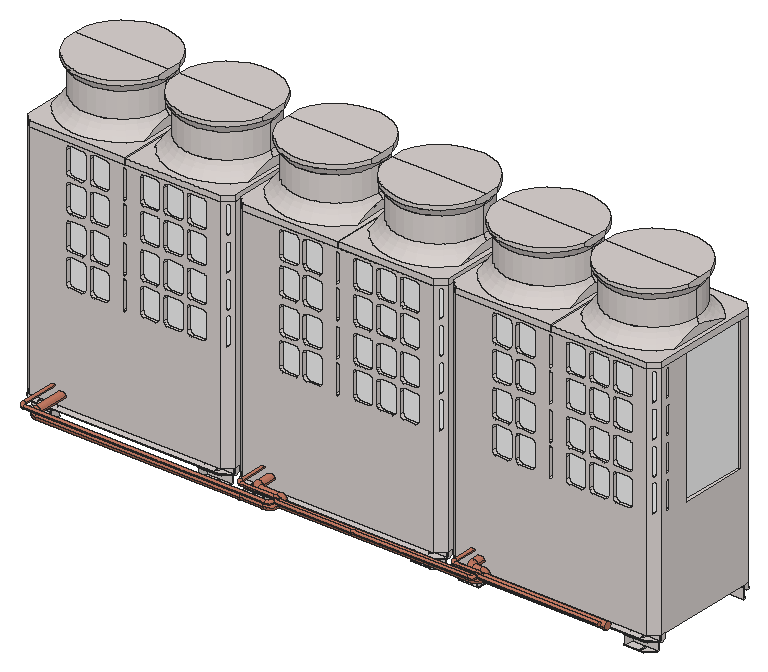
Revit family "PUHY-P1100YSNW-A1", category 機械設備, Revit 2016
Family settings
  パーツ タイプ = 標準
  丸型コネクタ寸法 = 半径を使用
  OmniClass 番号 = 23.75.00.00
  OmniClass タイトル = Climate Control (HVAC)
  作業面に基づく = いいえ
  常に垂直 = はい
  ロード時にボイドで切り取り = いいえ
  共有 = いいえ
  部屋の計算ポイント = いいえ
Parameters (values of type "PUHY-P1100YSNW-A1_415V_60Hz")
  モデル = "PUHY-P1100YSNW-A1"
  Width = 3780.000 mm
  WarrantyStart = ""
  Voltage = 415 V
  Unit Weight (kg) = 831
  URL = "http://www.mitsubishielectric.com/"
  Temp. range of heating (Outdoor temp.) (W.B.) = "-20.0 to 15.5"
  Temp. range of heating (Indoor temp.) (D.B.) = "15.0 to 27.0"
  Temp. range of cooling (Outdoor temp.) (D.B.) = "-5.0 to 52.0"
  Temp. range of cooling (Indoor temp.) (W.B.) = "15.0 to 24.0"
  TagNumber = 0
  Subcategory = "HVAC"
  Space View = yes
  Sound Pressure Level (dB(A)) Heating mode = 70
  Sound Pressure Level (dB(A)) Cooling mode = 68.5
  SerialNumber = 0
  ReplacementYear = ""
  Refrigerant type = "R410A"
  Refrigerant Charge (kg) = 29.4
  Protection Devices_Inverter circuit (COMP./FAN) = "Over-current protection"
  Protection Devices_High pressure (MPa) = "High pressure sensor, High pressure switch at 4.15"
  Phase = 3
  製造元 = "Mitsubishi Electric Corporation"
  Outdoor unit 3 Breaker size (A) = 40
  Outdoor unit 3 = PUHY-P350YNW-A1 : PUHY-P350YNW-A1
  Outdoor unit 2 Breaker size (A) = 40
  Outdoor unit 2 = PUHY-P350YNW-A1 : PUHY-P350YNW-A1
  Outdoor unit 1 Breaker size (A) = 60
  Outdoor unit 1 = PUHY-P400YNW-A1 : PUHY-P400YNW-A1
  Note_1 = "Refrigerant pipe diameters may change depending on the installation condition. Please refer to the installation manual."
  Maximum Circuit Ampacity (A) = 84.7
  Liquid pipe_radius = 9.525 mm
  InstallationDate = ""
  Indoor Unit Total Capacity = "50 to 130% of outdoor unit capacity"
  Indoor Unit Model/Quantity = "P10 to P250/3 to 50"
  Hertz = 60 Hz
  Height = 1858.000 mm
  Heating SCOP (kW/kW) = 4.07
  Heating Rated Load Ampacity (A) = 52.8
  Heating Power Input (kW) = 34.22
  Heating Power Input (Nominal) (kW) = 28.44
  Heating Current Input (Nominal) (A) = 43.9
  Heating Current Input (A) = 52.8
  Heating Capacity (kW) = 140
  Heating Capacity (Nominal) (kW) = 124
  Heating COP (kW/kW) = 4.09
  Heating COP (Nominal) (kW/kW) = 4.36
  Gas pipe_radius = 20.640 mm
  Fan_Type = "Propeller Fan"
  Fan_Quantity = 6
  Fan Motor Output (kW) = 2.76
  External static pressure (Pa) = 0
  External Finish = "Pre-coated galvanized steel sheets (+powder coating for -BS type) <MUNSELL 3Y 7.8/1.1 or similar>"
  Equip_description = ""
  Equip_No. = 0
  Equip_ID = ""
  Description = ""
  Depth = 740.000 mm
  CreatedOn = ""
  CreatedBy = ""
  Cooling SEER (kW/kW) = 6.49
  Cooling Rated Load Ampacity (A) = 56.8
  Cooling Power Input (kW) = 36.79
  Cooling EER (kW/kW) = 3.37
  Cooling Current Input (A) = 56.8
  Cooling Capacity (kW) = 124
  Compressor_Type = "Inverter scroll hermetic compressor"
  Compressor_Quantity = 3
  Compressor_Lubricant = "MEL32"
  Compressor Motor Output (kW) = 28.6
  Category = ""
  Barcode = ""
  AssetIdentifier = ""
  Airflow Rate (m3/min) = 840
  Airflow Rate (m3/h) = 50400
Reference planes
  plane 1 "Center (Front/Back)": y = 0
  plane 2: z = 0
  plane 3: z = 1710
  plane 4: z = 60
  plane 5: y = 370
  plane 6 "front": y = -370
  plane 7: x = -1890
  plane 8: x = -620
  plane 9: x = 620
  plane 10: x = -650
  plane 11: x = 650
  plane 12: y = 370
  plane 13: y = -370
  plane 14: z = 1858
  plane 15: x = 1890
  plane 16: x = 0
Forms (mm)
  Sweep 1, solid, material "Copper"
    path origin (137.855, 17.925, 192.255) x (0, -1, 0) y (1, 0, 0)
      loop
        line (380, -1839.039) -> (605, -1839.039)
        arc (605, -1839.039) -> (626.213, -1830.253) -> (635, -1809.039) r 30
        line (635, -1809.039) -> (635, -368.337)
        arc (635, -368.337) -> (629.142, -354.195) -> (615, -348.337) r 20
        line (615, -348.337) -> (590, -348.337)
        arc (590, -348.337) -> (575.858, -354.195) -> (570, -368.337) r 20
        line (570, -368.337) -> (570, -568.337)
        arc (570, -568.337) -> (564.142, -582.479) -> (550, -588.337) r 20
        line (550, -588.337) -> (380, -588.337)
    profile origin (-1701.184, -474.575, 192.255) x (1, 0, 0) y (0, 0, 1)
      loop
        circle (0, 0) r 9.525
  Sweep 2, solid, material "Copper"
    path origin (111.295, 17.925, 158.255) x (-1, 0, 0) y (0, -1, 0)
      loop
        line (1758.141, 380) -> (1758.141, 575)
        arc (1758.141, 575) -> (1747.889, 599.749) -> (1723.141, 610) r 35
        line (1723.141, 610) -> (502, 610) -> (364.723, 610)
        arc (364.723, 610) -> (339.974, 599.749) -> (329.723, 575) r 35
        line (329.723, 575) -> (329.723, 545)
        arc (329.723, 545) -> (339.974, 520.251) -> (364.723, 510) r 35
        line (364.723, 510) -> (475.673, 510)
        arc (475.673, 510) -> (500.421, 499.749) -> (510.673, 475) r 35
        line (510.673, 475) -> (510.673, 380)
    profile origin (-1646.846, -459.575, 158.255) x (1, 0, 0) y (0, 0, 1)
      loop
        circle (0, 0) r 20.64
  Sweep 3, solid, material "Copper"
    path origin (214.685, 17.925, 192.255) x (0, -1, 0) y (1, 0, 0)
      loop
        line (605, -426.689) -> (605, 43.311) -> (605, 737.327)
        arc (605, 737.327) -> (599.142, 751.469) -> (585, 757.327) r 20
        line (585, 757.327) -> (560.96, 757.327)
        arc (560.96, 757.327) -> (546.818, 751.469) -> (540.96, 737.327) r 20
        line (540.96, 737.327) -> (540.96, 607.327)
        arc (540.96, 607.327) -> (535.102, 593.185) -> (520.96, 587.327) r 20
        line (520.96, 587.327) -> (380, 587.327)
    profile origin (22.996, -587.075, 192.255) x (0, 1, 0) y (0, 0, 1)
      loop
        circle (0, 0) r 9.525
  Sweep 4, solid, material "Copper"
    path origin (188.125, 17.925, 158.255) x (-1, 0, 0) y (0, -1, 0)
      loop
        line (406.853, 555.96) -> (-741.149, 555.96)
        arc (-741.149, 555.96) -> (-765.897, 545.709) -> (-776.149, 520.96) r 35
        line (-776.149, 520.96) -> (-776.149, 510)
        arc (-776.149, 510) -> (-765.897, 485.251) -> (-741.149, 475) r 35
        line (-741.149, 475) -> (-696.149, 475)
        arc (-696.149, 475) -> (-671.4, 464.749) -> (-661.149, 440) r 35
        line (-661.149, 440) -> (-661.149, 380)
    profile origin (355.273, -538.035, 158.255) x (0, 1, 0) y (0, 0, 1)
      loop
        circle (0, 0) r 20.64
  Sweep 5, solid, material "Copper"
    path origin (249.685, 17.925, 192.255) x (0, -1, 0) y (1, 0, 0)
      loop
        line (572.806, 727.767) -> (572.806, 1455.315)
    profile origin (1341.226, -554.881, 192.255) x (0, 1, 0) y (0, 0, 1)
      loop
        circle (0, 0) r 9.525
  Sweep 6, solid, material "Copper"
    path origin (228.125, 17.925, 158.255) x (-1, 0, 0) y (0, -1, 0)
      loop
        line (-749.534, 515.995) -> (-1481.875, 515.995)
    profile origin (1343.83, -498.07, 158.255) x (0, 1, 0) y (0, 0, 1)
      loop
        circle (0, 0) r 20.64
Dimensions and locks
  nested 2 to nested 1 = 30.000 mm
  nested 1 to nested 1 = 1240.000 mm
  nested 2 to nested 2 = 1240.000 mm
  plane 9 to plane 11 to plane 15 = 30.000 mm, 1240.000 mm
  "Liquid pipe_radius": radius of Sweep 5 sketch curve
  "Gas pipe_radius": radius of Sweep 6 sketch curve
  aligned and locked: level to plane 2
Automatic sketch dimensions
  Sweep 1 sketch curve to plane 6 "front" = 7.925 mm  (x2)
  plane 6 "front" to Sweep 1 sketch curve = 162.075 mm
  Sweep 1 sketch curve to Sweep 1 sketch curve = 20.000 mm  (x2)
  plane 6 "front" to Sweep 1 sketch curve = 217.075 mm
  Sweep 1 sketch curve to Sweep 1 sketch curve = 25.000 mm
  Sweep 1 sketch curve to Sweep 1 sketch curve = 30.000 mm
  profile plane to Sweep 1 sketch curve = 0.000 mm
  Sweep 1 sketch curve to profile plane = 0.000 mm
  Sweep 2 sketch curve to Sweep 2 sketch curve = 35.000 mm  (x3)
  plane 6 "front" to Sweep 2 sketch curve = 222.075 mm
  Sweep 2 sketch curve to Sweep 2 sketch curve = 30.000 mm
  Sweep 2 sketch curve to plane 6 "front" = 7.925 mm  (x2)
  profile plane to Sweep 2 sketch curve = 0.000 mm
  Sweep 2 sketch curve to profile plane = 0.000 mm
  Sweep 3 sketch curve to profile plane = 0.000 mm  (x2)
  plane 6 "front" to Sweep 4 sketch curve = 122.075 mm
  plane 6 "front" to Sweep 4 sketch curve = 87.075 mm
  Sweep 4 sketch curve to Sweep 4 sketch curve = 0.000 mm
  Sweep 4 sketch curve to Sweep 4 sketch curve = 45.000 mm
  plane 6 "front" to Sweep 4 sketch curve = 52.075 mm
  Sweep 4 sketch curve to Sweep 4 sketch curve = 60.000 mm
  Sweep 4 sketch curve to Sweep 4 sketch curve = 10.960 mm
  Sweep 4 sketch curve to profile plane = 0.000 mm  (x2)
  Sweep 3 sketch curve to plane 6 "front" = 7.925 mm
  plane 6 "front" to Sweep 3 sketch curve = 133.035 mm
  Sweep 3 sketch curve to Sweep 3 sketch curve = 20.000 mm  (x2)
  Sweep 3 sketch curve to Sweep 3 sketch curve = 24.040 mm
  plane 6 "front" to Sweep 3 sketch curve = 217.075 mm
  Sweep 3 sketch curve to Sweep 3 sketch curve = 470.000 mm
  Sweep 3 sketch curve to Sweep 3 sketch curve = 544.016 mm
  Sweep 3 sketch curve to Sweep 3 sketch curve = 130.000 mm
  Sweep 1 sketch curve to Sweep 1 sketch curve = 1220.702 mm
  Sweep 2 sketch curve to Sweep 2 sketch curve = 1212.468 mm
  Sweep 4 sketch curve to Sweep 4 sketch curve = 1068.002 mm
  plane 6 "front" to Sweep 5 sketch curve = 184.881 mm
  plane 6 "front" to Sweep 6 sketch curve = 128.070 mm
  Sweep 5 sketch curve to profile plane = 0.000 mm  (x2)
  Sweep 6 sketch curve to profile plane = 0.000 mm  (x2)
  plane 7 to Sweep 1 sketch curve = 188.816 mm
  Sweep 1 sketch curve to Sweep 1 sketch curve = 200.000 mm
  plane 6 "front" to Sweep 2 sketch curve = 157.075 mm
  Sweep 2 sketch curve to plane 8 = 401.573 mm
  Sweep 2 sketch curve to Sweep 2 sketch curve = 110.950 mm
  Sweep 2 sketch curve to Sweep 2 sketch curve = 26.327 mm
  Sweep 3 sketch curve to plane 9 = 362.004 mm
  plane 11 to Sweep 4 sketch curve = 314.274 mm
  plane 11 to Sweep 5 sketch curve = 327.453 mm
  Sweep 5 sketch curve to Sweep 5 sketch curve = 727.547 mm
  plane 11 to Sweep 6 sketch curve = 1060.000 mm
  plane 11 to Sweep 6 sketch curve = 327.659 mm
  radius of Sweep 1 sketch curve = 9.525 mm
  radius of Sweep 2 sketch curve = 20.640 mm
  radius of Sweep 3 sketch curve = 9.525 mm
  radius of Sweep 4 sketch curve = 20.640 mm
Nested families
  nested 1: "PUHY-P350YNW-A1" at (0, 0, 0), type <- "Outdoor unit 2", type "PUHY-P350YNW-A1"
  nested 2: "PUHY-P400YNW-A1" at (-1270, 0, 0), type <- "Outdoor unit 1", type "PUHY-P400YNW-A1"
  nested 3: "PUHY-P350YNW-A1" at (1270, 0, 0), type <- "Outdoor unit 3", type "PUHY-P350YNW-A1"
Connectors
  piping at (1710, -498.07, 158.255), diameter 41.28, driven by "Gas pipe_radius"
    settings: on Sweep 6, index 1, connector inside diameter 41.28 mm, connector length 0.000 mm, flow factor 0, pipe flow 0.0 L/s, pressure drop 0.0 Pa, fitting loss kfactor 0, connector angle 0.00°, fixture units 0, engagement length 0.000 mm, angle of deflection 0.00°, flow configuration 0, flow direction 0, fitting loss method 0, system type 22, joint type 0, gender type 0, connector reference index -1, connector utility 0, adjustable connector no, is connector primary yes, connector description "Indoor unit-Twinning pipe(Gas)"
  piping at (1705, -554.881, 192.255), diameter 19.05, driven by "Liquid pipe_radius"
    settings: on Sweep 5, index 2, connector inside diameter 19.05 mm, connector length 0.000 mm, flow factor 0, pipe flow 0.0 L/s, pressure drop 0.0 Pa, fitting loss kfactor 0, connector angle 0.00°, fixture units 0, engagement length 0.000 mm, angle of deflection 0.00°, flow configuration 0, flow direction 0, fitting loss method 0, system type 22, joint type 0, gender type 0, connector reference index -1, connector utility 0, adjustable connector no, is connector primary no, connector description "Indoor unit-Twinning pipe(Liquid)"
  electrical at (992, -370, 279), driven by "Phase", driven by "Voltage"
    settings: index 3, voltage 415 V, apparent load 0 VA, apparent load phase1 0 VA, apparent load phase2 0 VA, apparent load phase3 0 VA, power factor 1, load classification "HVAC", number of poles 3, system type 30, power factor state 1, is connector primary yes, connector utility no, sub classification motor no, connector description ""
  electrical at (-258, -370, 279), driven by "Phase", driven by "Voltage"
    settings: index 4, voltage 415 V, apparent load 0 VA, apparent load phase1 0 VA, apparent load phase2 0 VA, apparent load phase3 0 VA, power factor 1, load classification "HVAC", number of poles 3, system type 30, power factor state 1, is connector primary no, connector utility no, sub classification motor no, connector description ""
  electrical at (-1508, -370, 279), driven by "Phase", driven by "Voltage"
    settings: index 5, voltage 415 V, apparent load 0 VA, apparent load phase1 0 VA, apparent load phase2 0 VA, apparent load phase3 0 VA, power factor 1, load classification "HVAC", number of poles 3, system type 30, power factor state 1, is connector primary no, connector utility no, sub classification motor no, connector description ""
Definition of nested family "PUHY-P350YNW-A1"
  Parameters
    Model = "PUHY-P350YNW-A"
    URL = "http://www.mitsubishielectric.com/"
    Manufacturer = "Mitsubishi Electric Corporation"
    Liquid pipe_radius = 12.700 mm
    Gas pipe_radius = 14.290 mm
  Reference planes
    plane 1 "Center (Front/Back)": y = 0
    plane 2: z = 0
    plane 3 "Center (Left/Right)": x = 0
    plane 4: y = 370
    plane 5: z = 1858
    plane 6: y = -260
    plane 7: y = -204
    plane 8: y = -185
    plane 9: x = -620
    plane 10: x = 620
    plane 11: x = -620
    plane 12: z = 716
    plane 13: x = -524
    plane 14: z = 669
    plane 15: x = -50.5
    plane 16: x = 51
    plane 17: x = 489
    plane 18: x = 467
    plane 19 "132": x = 488
    plane 20 "100": z = 160
    plane 21: z = 185
    plane 22: x = 413
    plane 23: x = 364
    plane 24: z = 150
    plane 25: x = -287.25
    plane 26: x = -137.25
    plane 27: x = -272.25
    plane 28: y = -278
    plane 29: z = 1509
    plane 30: y = -370
    plane 31: x = -530
    plane 32: x = 530
    plane 33 "179": y = -191
  Forms (mm)
    Extrusion 1, solid
      sketch origin (-1, 0, 113) x (-1, 0, 0) y (0, -1, 0)
        loop
          line (569, -370) -> (619, -320) -> (619, 320) -> (569, 370) -> (-571, 370) -> (-621, 320) -> (-621, -320) -> (-571, -370) -> (569, -370)
      from -18 to 1408
    Extrusion 2, void
      sketch origin (524, -370, 113) x (1, 0, 0) y (0, 0, -1)
        loop
          arc (-60.8, -1393.5) -> (-42.557, -1385.943) -> (-35, -1367.7) r 25.8
          line (-35, -1367.7) -> (-35, -1248.5)
          arc (-35, -1248.5) -> (-42.557, -1230.257) -> (-60.8, -1222.7) r 25.8
          line (-60.8, -1222.7) -> (-126, -1222.7)
          arc (-126, -1222.7) -> (-144.243, -1230.257) -> (-151.8, -1248.5) r 25.8
          line (-151.8, -1248.5) -> (-151.8, -1367.7)
          arc (-151.8, -1367.7) -> (-144.243, -1385.943) -> (-126, -1393.5) r 25.8
          line (-126, -1393.5) -> (-60.8, -1393.5)
      from 0 to 20
    Extrusion 3, void
      sketch origin (524, -370, -81) x (1, 0, 0) y (0, 0, -1)
        loop
          arc (-60.8, -1393.5) -> (-42.557, -1385.943) -> (-35, -1367.7) r 25.8
          line (-35, -1367.7) -> (-35, -1248.5)
          arc (-35, -1248.5) -> (-42.557, -1230.257) -> (-60.8, -1222.7) r 25.8
          line (-60.8, -1222.7) -> (-126, -1222.7)
          arc (-126, -1222.7) -> (-144.243, -1230.257) -> (-151.8, -1248.5) r 25.8
          line (-151.8, -1248.5) -> (-151.8, -1367.7)
          arc (-151.8, -1367.7) -> (-144.243, -1385.943) -> (-126, -1393.5) r 25.8
          line (-126, -1393.5) -> (-60.8, -1393.5)
      from 0 to 20
    Extrusion 4, void
      sketch origin (524, -370, -287) x (1, 0, 0) y (0, 0, -1)
        loop
          arc (-60.8, -1393.5) -> (-42.557, -1385.943) -> (-35, -1367.7) r 25.8
          line (-35, -1367.7) -> (-35, -1248.5)
          arc (-35, -1248.5) -> (-42.557, -1230.257) -> (-60.8, -1222.7) r 25.8
          line (-60.8, -1222.7) -> (-126, -1222.7)
          arc (-126, -1222.7) -> (-144.243, -1230.257) -> (-151.8, -1248.5) r 25.8
          line (-151.8, -1248.5) -> (-151.8, -1367.7)
          arc (-151.8, -1367.7) -> (-144.243, -1385.943) -> (-126, -1393.5) r 25.8
          line (-126, -1393.5) -> (-60.8, -1393.5)
      from 0 to 20
    Extrusion 5, void
      sketch origin (524, -370, -481) x (1, 0, 0) y (0, 0, -1)
        loop
          arc (-60.8, -1393.5) -> (-42.557, -1385.943) -> (-35, -1367.7) r 25.8
          line (-35, -1367.7) -> (-35, -1248.5)
          arc (-35, -1248.5) -> (-42.557, -1230.257) -> (-60.8, -1222.7) r 25.8
          line (-60.8, -1222.7) -> (-126, -1222.7)
          arc (-126, -1222.7) -> (-144.243, -1230.257) -> (-151.8, -1248.5) r 25.8
          line (-151.8, -1248.5) -> (-151.8, -1367.7)
          arc (-151.8, -1367.7) -> (-144.243, -1385.943) -> (-126, -1393.5) r 25.8
          line (-126, -1393.5) -> (-60.8, -1393.5)
      from 0 to 20
    Extrusion 6, void
      sketch origin (384, -370, 113) x (1, 0, 0) y (0, 0, -1)
        loop
          arc (-60.8, -1393.5) -> (-42.557, -1385.943) -> (-35, -1367.7) r 25.8
          line (-35, -1367.7) -> (-35, -1248.5)
          arc (-35, -1248.5) -> (-42.557, -1230.257) -> (-60.8, -1222.7) r 25.8
          line (-60.8, -1222.7) -> (-126, -1222.7)
          arc (-126, -1222.7) -> (-144.243, -1230.257) -> (-151.8, -1248.5) r 25.8
          line (-151.8, -1248.5) -> (-151.8, -1367.7)
          arc (-151.8, -1367.7) -> (-144.243, -1385.943) -> (-126, -1393.5) r 25.8
          line (-126, -1393.5) -> (-60.8, -1393.5)
      from 0 to 20
    Extrusion 7, void
      sketch origin (384, -370, -81) x (1, 0, 0) y (0, 0, -1)
        loop
          arc (-60.8, -1393.5) -> (-42.557, -1385.943) -> (-35, -1367.7) r 25.8
          line (-35, -1367.7) -> (-35, -1248.5)
          arc (-35, -1248.5) -> (-42.557, -1230.257) -> (-60.8, -1222.7) r 25.8
          line (-60.8, -1222.7) -> (-126, -1222.7)
          arc (-126, -1222.7) -> (-144.243, -1230.257) -> (-151.8, -1248.5) r 25.8
          line (-151.8, -1248.5) -> (-151.8, -1367.7)
          arc (-151.8, -1367.7) -> (-144.243, -1385.943) -> (-126, -1393.5) r 25.8
          line (-126, -1393.5) -> (-60.8, -1393.5)
      from 0 to 20
    Extrusion 8, void
      sketch origin (384, -370, -287) x (1, 0, 0) y (0, 0, -1)
        loop
          arc (-60.8, -1393.5) -> (-42.557, -1385.943) -> (-35, -1367.7) r 25.8
          line (-35, -1367.7) -> (-35, -1248.5)
          arc (-35, -1248.5) -> (-42.557, -1230.257) -> (-60.8, -1222.7) r 25.8
          line (-60.8, -1222.7) -> (-126, -1222.7)
          arc (-126, -1222.7) -> (-144.243, -1230.257) -> (-151.8, -1248.5) r 25.8
          line (-151.8, -1248.5) -> (-151.8, -1367.7)
          arc (-151.8, -1367.7) -> (-144.243, -1385.943) -> (-126, -1393.5) r 25.8
          line (-126, -1393.5) -> (-60.8, -1393.5)
      from 0 to 20
    Extrusion 9, void
      sketch origin (384, -370, -481) x (1, 0, 0) y (0, 0, -1)
        loop
          arc (-60.8, -1393.5) -> (-42.557, -1385.943) -> (-35, -1367.7) r 25.8
          line (-35, -1367.7) -> (-35, -1248.5)
          arc (-35, -1248.5) -> (-42.557, -1230.257) -> (-60.8, -1222.7) r 25.8
          line (-60.8, -1222.7) -> (-126, -1222.7)
          arc (-126, -1222.7) -> (-144.243, -1230.257) -> (-151.8, -1248.5) r 25.8
          line (-151.8, -1248.5) -> (-151.8, -1367.7)
          arc (-151.8, -1367.7) -> (-144.243, -1385.943) -> (-126, -1393.5) r 25.8
          line (-126, -1393.5) -> (-60.8, -1393.5)
      from 0 to 20
    Extrusion 10, void
      sketch origin (244, -370, 113) x (1, 0, 0) y (0, 0, -1)
        loop
          arc (-60.8, -1393.5) -> (-42.557, -1385.943) -> (-35, -1367.7) r 25.8
          line (-35, -1367.7) -> (-35, -1248.5)
          arc (-35, -1248.5) -> (-42.557, -1230.257) -> (-60.8, -1222.7) r 25.8
          line (-60.8, -1222.7) -> (-126, -1222.7)
          arc (-126, -1222.7) -> (-144.243, -1230.257) -> (-151.8, -1248.5) r 25.8
          line (-151.8, -1248.5) -> (-151.8, -1367.7)
          arc (-151.8, -1367.7) -> (-144.243, -1385.943) -> (-126, -1393.5) r 25.8
          line (-126, -1393.5) -> (-60.8, -1393.5)
      from 0 to 20
    Extrusion 11, void
      sketch origin (244, -370, -81) x (1, 0, 0) y (0, 0, -1)
        loop
          arc (-60.8, -1393.5) -> (-42.557, -1385.943) -> (-35, -1367.7) r 25.8
          line (-35, -1367.7) -> (-35, -1248.5)
          arc (-35, -1248.5) -> (-42.557, -1230.257) -> (-60.8, -1222.7) r 25.8
          line (-60.8, -1222.7) -> (-126, -1222.7)
          arc (-126, -1222.7) -> (-144.243, -1230.257) -> (-151.8, -1248.5) r 25.8
          line (-151.8, -1248.5) -> (-151.8, -1367.7)
          arc (-151.8, -1367.7) -> (-144.243, -1385.943) -> (-126, -1393.5) r 25.8
          line (-126, -1393.5) -> (-60.8, -1393.5)
      from 0 to 20
    Extrusion 12, void
      sketch origin (244, -370, -287) x (1, 0, 0) y (0, 0, -1)
        loop
          arc (-60.8, -1393.5) -> (-42.557, -1385.943) -> (-35, -1367.7) r 25.8
          line (-35, -1367.7) -> (-35, -1248.5)
          arc (-35, -1248.5) -> (-42.557, -1230.257) -> (-60.8, -1222.7) r 25.8
          line (-60.8, -1222.7) -> (-126, -1222.7)
          arc (-126, -1222.7) -> (-144.243, -1230.257) -> (-151.8, -1248.5) r 25.8
          line (-151.8, -1248.5) -> (-151.8, -1367.7)
          arc (-151.8, -1367.7) -> (-144.243, -1385.943) -> (-126, -1393.5) r 25.8
          line (-126, -1393.5) -> (-60.8, -1393.5)
      from 0 to 20
    Extrusion 13, void
      sketch origin (244, -370, -481) x (1, 0, 0) y (0, 0, -1)
        loop
          arc (-60.8, -1393.5) -> (-42.557, -1385.943) -> (-35, -1367.7) r 25.8
          line (-35, -1367.7) -> (-35, -1248.5)
          arc (-35, -1248.5) -> (-42.557, -1230.257) -> (-60.8, -1222.7) r 25.8
          line (-60.8, -1222.7) -> (-126, -1222.7)
          arc (-126, -1222.7) -> (-144.243, -1230.257) -> (-151.8, -1248.5) r 25.8
          line (-151.8, -1248.5) -> (-151.8, -1367.7)
          arc (-151.8, -1367.7) -> (-144.243, -1385.943) -> (-126, -1393.5) r 25.8
          line (-126, -1393.5) -> (-60.8, -1393.5)
      from 0 to 20
    Extrusion 14, void
      sketch origin (-56, -370, 113) x (1, 0, 0) y (0, 0, -1)
        loop
          arc (-60.8, -1393.5) -> (-42.557, -1385.943) -> (-35, -1367.7) r 25.8
          line (-35, -1367.7) -> (-35, -1248.5)
          arc (-35, -1248.5) -> (-42.557, -1230.257) -> (-60.8, -1222.7) r 25.8
          line (-60.8, -1222.7) -> (-126, -1222.7)
          arc (-126, -1222.7) -> (-144.243, -1230.257) -> (-151.8, -1248.5) r 25.8
          line (-151.8, -1248.5) -> (-151.8, -1367.7)
          arc (-151.8, -1367.7) -> (-144.243, -1385.943) -> (-126, -1393.5) r 25.8
          line (-126, -1393.5) -> (-60.8, -1393.5)
      from 0 to 20
    Extrusion 15, void
      sketch origin (-56, -370, -81) x (1, 0, 0) y (0, 0, -1)
        loop
          arc (-60.8, -1393.5) -> (-42.557, -1385.943) -> (-35, -1367.7) r 25.8
          line (-35, -1367.7) -> (-35, -1248.5)
          arc (-35, -1248.5) -> (-42.557, -1230.257) -> (-60.8, -1222.7) r 25.8
          line (-60.8, -1222.7) -> (-126, -1222.7)
          arc (-126, -1222.7) -> (-144.243, -1230.257) -> (-151.8, -1248.5) r 25.8
          line (-151.8, -1248.5) -> (-151.8, -1367.7)
          arc (-151.8, -1367.7) -> (-144.243, -1385.943) -> (-126, -1393.5) r 25.8
          line (-126, -1393.5) -> (-60.8, -1393.5)
      from 0 to 20
    Extrusion 16, void
      sketch origin (-56, -370, -287) x (1, 0, 0) y (0, 0, -1)
        loop
          arc (-60.8, -1393.5) -> (-42.557, -1385.943) -> (-35, -1367.7) r 25.8
          line (-35, -1367.7) -> (-35, -1248.5)
          arc (-35, -1248.5) -> (-42.557, -1230.257) -> (-60.8, -1222.7) r 25.8
          line (-60.8, -1222.7) -> (-126, -1222.7)
          arc (-126, -1222.7) -> (-144.243, -1230.257) -> (-151.8, -1248.5) r 25.8
          line (-151.8, -1248.5) -> (-151.8, -1367.7)
          arc (-151.8, -1367.7) -> (-144.243, -1385.943) -> (-126, -1393.5) r 25.8
          line (-126, -1393.5) -> (-60.8, -1393.5)
      from 0 to 20
    Extrusion 17, void
      sketch origin (-56, -370, -481) x (1, 0, 0) y (0, 0, -1)
        loop
          arc (-60.8, -1393.5) -> (-42.557, -1385.943) -> (-35, -1367.7) r 25.8
          line (-35, -1367.7) -> (-35, -1248.5)
          arc (-35, -1248.5) -> (-42.557, -1230.257) -> (-60.8, -1222.7) r 25.8
          line (-60.8, -1222.7) -> (-126, -1222.7)
          arc (-126, -1222.7) -> (-144.243, -1230.257) -> (-151.8, -1248.5) r 25.8
          line (-151.8, -1248.5) -> (-151.8, -1367.7)
          arc (-151.8, -1367.7) -> (-144.243, -1385.943) -> (-126, -1393.5) r 25.8
          line (-126, -1393.5) -> (-60.8, -1393.5)
      from 0 to 20
    Extrusion 18, void
      sketch origin (-196, -370, 113) x (1, 0, 0) y (0, 0, -1)
        loop
          arc (-60.8, -1393.5) -> (-42.557, -1385.943) -> (-35, -1367.7) r 25.8
          line (-35, -1367.7) -> (-35, -1248.5)
          arc (-35, -1248.5) -> (-42.557, -1230.257) -> (-60.8, -1222.7) r 25.8
          line (-60.8, -1222.7) -> (-126, -1222.7)
          arc (-126, -1222.7) -> (-144.243, -1230.257) -> (-151.8, -1248.5) r 25.8
          line (-151.8, -1248.5) -> (-151.8, -1367.7)
          arc (-151.8, -1367.7) -> (-144.243, -1385.943) -> (-126, -1393.5) r 25.8
          line (-126, -1393.5) -> (-60.8, -1393.5)
      from 0 to 20
    Extrusion 19, void
      sketch origin (-196, -370, -81) x (1, 0, 0) y (0, 0, -1)
        loop
          arc (-60.8, -1393.5) -> (-42.557, -1385.943) -> (-35, -1367.7) r 25.8
          line (-35, -1367.7) -> (-35, -1248.5)
          arc (-35, -1248.5) -> (-42.557, -1230.257) -> (-60.8, -1222.7) r 25.8
          line (-60.8, -1222.7) -> (-126, -1222.7)
          arc (-126, -1222.7) -> (-144.243, -1230.257) -> (-151.8, -1248.5) r 25.8
          line (-151.8, -1248.5) -> (-151.8, -1367.7)
          arc (-151.8, -1367.7) -> (-144.243, -1385.943) -> (-126, -1393.5) r 25.8
          line (-126, -1393.5) -> (-60.8, -1393.5)
      from 0 to 20
    Extrusion 20, void
      sketch origin (-196, -370, -287) x (1, 0, 0) y (0, 0, -1)
        loop
          arc (-60.8, -1393.5) -> (-42.557, -1385.943) -> (-35, -1367.7) r 25.8
          line (-35, -1367.7) -> (-35, -1248.5)
          arc (-35, -1248.5) -> (-42.557, -1230.257) -> (-60.8, -1222.7) r 25.8
          line (-60.8, -1222.7) -> (-126, -1222.7)
          arc (-126, -1222.7) -> (-144.243, -1230.257) -> (-151.8, -1248.5) r 25.8
          line (-151.8, -1248.5) -> (-151.8, -1367.7)
          arc (-151.8, -1367.7) -> (-144.243, -1385.943) -> (-126, -1393.5) r 25.8
          line (-126, -1393.5) -> (-60.8, -1393.5)
      from 0 to 20
    Extrusion 21, void
      sketch origin (-196, -370, -481) x (1, 0, 0) y (0, 0, -1)
        loop
          arc (-60.8, -1393.5) -> (-42.557, -1385.943) -> (-35, -1367.7) r 25.8
          line (-35, -1367.7) -> (-35, -1248.5)
          arc (-35, -1248.5) -> (-42.557, -1230.257) -> (-60.8, -1222.7) r 25.8
          line (-60.8, -1222.7) -> (-126, -1222.7)
          arc (-126, -1222.7) -> (-144.243, -1230.257) -> (-151.8, -1248.5) r 25.8
          line (-151.8, -1248.5) -> (-151.8, -1367.7)
          arc (-151.8, -1367.7) -> (-144.243, -1385.943) -> (-126, -1393.5) r 25.8
          line (-126, -1393.5) -> (-60.8, -1393.5)
      from 0 to 20
    Extrusion 22, void
      sketch origin (620, 320, 113) x (0, 1, 0) y (0, 0, -1)
        loop
          line (-462.3, -1408) -> (-50.8, -1408) -> (-50.8, -612) -> (-462.3, -612) -> (-462.3, -1408)
      from 0 to 20
    Extrusion 23, void
      sketch origin (-620, -320, 113) x (0, -1, 0) y (0, 0, -1)
        loop
          line (-535.7, -1408) -> (-207.7, -1408) -> (-207.7, -592) -> (-535.7, -592) -> (-535.7, -1408)
      from 0 to 20
    Extrusion 24, void
      sketch origin (194.892, 370, 113) x (-1, 0, 0) y (0, 0, -1)
        loop
          arc (204.892, -1225.013) -> (194.892, -1215.013) -> (184.892, -1225.013) r 10
          line (184.892, -1225.013) -> (184.892, -1379.987)
          arc (184.892, -1379.987) -> (194.892, -1389.987) -> (204.892, -1379.987) r 10
          line (204.892, -1379.987) -> (204.892, -1225.013)
        loop
          arc (204.892, -1031.013) -> (194.892, -1021.013) -> (184.892, -1031.013) r 10
          line (184.892, -1031.013) -> (184.892, -1185.987)
          arc (184.892, -1185.987) -> (194.892, -1195.987) -> (204.892, -1185.987) r 10
          line (204.892, -1185.987) -> (204.892, -1031.013)
        loop
          arc (204.892, -825.013) -> (194.892, -815.013) -> (184.892, -825.013) r 10
          line (184.892, -825.013) -> (184.892, -979.987)
          arc (184.892, -979.987) -> (194.892, -989.987) -> (204.892, -979.987) r 10
          line (204.892, -979.987) -> (204.892, -825.013)
        loop
          arc (204.892, -631.013) -> (194.892, -621.013) -> (184.892, -631.013) r 10
          line (184.892, -631.013) -> (184.892, -785.987)
          arc (184.892, -785.987) -> (194.892, -795.987) -> (204.892, -785.987) r 10
          line (204.892, -785.987) -> (204.892, -631.013)
      from 0 to 20
    Extrusion 25, void
      sketch origin (-570, 370, 113) x (0.707107, 0.707107, 0) y (0, 0, 1)
        loop
          arc (-45.355, 1236) -> (-35.355, 1226) -> (-25.355, 1236) r 10
          line (-25.355, 1236) -> (-25.355, 1386)
          arc (-25.355, 1386) -> (-35.355, 1396) -> (-45.355, 1386) r 10
          line (-45.355, 1386) -> (-45.355, 1236)
        loop
          arc (-45.355, 1036) -> (-35.355, 1026) -> (-25.355, 1036) r 10
          line (-25.355, 1036) -> (-25.355, 1186)
          arc (-25.355, 1186) -> (-35.355, 1196) -> (-45.355, 1186) r 10
          line (-45.355, 1186) -> (-45.355, 1036)
        loop
          arc (-45.355, 836) -> (-35.355, 826) -> (-25.355, 836) r 10
          line (-25.355, 836) -> (-25.355, 986)
          arc (-25.355, 986) -> (-35.355, 996) -> (-45.355, 986) r 10
          line (-45.355, 986) -> (-45.355, 836)
        loop
          arc (-45.355, 641) -> (-35.355, 631) -> (-25.355, 641) r 10
          line (-25.355, 641) -> (-25.355, 791)
          arc (-25.355, 791) -> (-35.355, 801) -> (-45.355, 791) r 10
          line (-45.355, 791) -> (-45.355, 641)
      from 0 to 20
    Extrusion 26, void
      sketch origin (-620, -320, 113) x (0, -1, 0) y (0, 0, -1)
        loop
          line (-607.846, -1035.895) -> (-607.846, -1186.105)
          arc (-607.846, -1186.105) -> (-597.846, -1196.105) -> (-587.846, -1186.105) r 10
          line (-587.846, -1186.105) -> (-587.846, -1035.895)
          arc (-587.846, -1035.895) -> (-597.846, -1025.895) -> (-607.846, -1035.895) r 10
        loop
          line (-607.846, -835.895) -> (-607.846, -986.105)
          arc (-607.846, -986.105) -> (-597.846, -996.105) -> (-587.846, -986.105) r 10
          line (-587.846, -986.105) -> (-587.846, -835.895)
          arc (-587.846, -835.895) -> (-597.846, -825.895) -> (-607.846, -835.895) r 10
        loop
          line (-607.846, -1235.895) -> (-607.846, -1386.105)
          arc (-607.846, -1386.105) -> (-597.846, -1396.105) -> (-587.846, -1386.105) r 10
          line (-587.846, -1386.105) -> (-587.846, -1235.895)
          arc (-587.846, -1235.895) -> (-597.846, -1225.895) -> (-607.846, -1235.895) r 10
        loop
          line (-607.846, -635.895) -> (-607.846, -786.105)
          arc (-607.846, -786.105) -> (-597.846, -796.105) -> (-587.846, -786.105) r 10
          line (-587.846, -786.105) -> (-587.846, -635.895)
          arc (-587.846, -635.895) -> (-597.846, -625.895) -> (-607.846, -635.895) r 10
      from 0 to 20
    Extrusion 27, void
      sketch origin (1079, -370, 113) x (1, 0, 0) y (0, 0, -1)
        loop
          arc (-1089, -1379.975) -> (-1079, -1389.975) -> (-1069, -1379.975) r 10
          line (-1069, -1379.975) -> (-1069, -1225)
          arc (-1069, -1225) -> (-1079, -1215) -> (-1089, -1225) r 10
          line (-1089, -1225) -> (-1089, -1379.975)
        loop
          arc (-1089, -1185.975) -> (-1079, -1195.975) -> (-1069, -1185.975) r 10
          line (-1069, -1185.975) -> (-1069, -1031)
          arc (-1069, -1031) -> (-1079, -1021) -> (-1089, -1031) r 10
          line (-1089, -1031) -> (-1089, -1185.975)
        loop
          arc (-1089, -979.975) -> (-1079, -989.975) -> (-1069, -979.975) r 10
          line (-1069, -979.975) -> (-1069, -825)
          arc (-1069, -825) -> (-1079, -815) -> (-1089, -825) r 10
          line (-1089, -825) -> (-1089, -979.975)
        loop
          arc (-1089, -785.975) -> (-1079, -795.975) -> (-1069, -785.975) r 10
          line (-1069, -785.975) -> (-1069, -631)
          arc (-1069, -631) -> (-1079, -621) -> (-1089, -631) r 10
          line (-1089, -631) -> (-1089, -785.975)
      from 0 to 20
    Extrusion 28, void
      sketch origin (-571, 370, 113) x (-1, 0, 0) y (0, 0, -1)
        loop
          line (-519.5, -1408) -> (-48, -1408) -> (-48, -556) -> (-519.5, -556) -> (-519.5, -1408)
      from 0 to 20
    Extrusion 29, void
      sketch origin (-571, 370, 113) x (-1, 0, 0) y (0, 0, -1)
        loop
          line (-1038, -1408) -> (-622, -1408) -> (-622, -556) -> (-1038, -556) -> (-1038, -1408)
      from 0 to 20
    Extrusion 30, void
      sketch origin (620, 320, 113) x (0, 1, 0) y (0, 0, -1)
        loop
          arc (-588, -1035.791) -> (-598, -1025.791) -> (-608, -1035.791) r 10
          line (-608, -1035.791) -> (-608, -1186)
          arc (-608, -1186) -> (-598, -1196) -> (-588, -1186) r 10
          line (-588, -1186) -> (-588, -1035.791)
        loop
          arc (-588, -835.791) -> (-598, -825.791) -> (-608, -835.791) r 10
          line (-608, -835.791) -> (-608, -986)
          arc (-608, -986) -> (-598, -996) -> (-588, -986) r 10
          line (-588, -986) -> (-588, -835.791)
        loop
          arc (-588, -1235.791) -> (-598, -1225.791) -> (-608, -1235.791) r 10
          line (-608, -1235.791) -> (-608, -1386)
          arc (-608, -1386) -> (-598, -1396) -> (-588, -1386) r 10
          line (-588, -1386) -> (-588, -1235.791)
        loop
          arc (-588, -635.791) -> (-598, -625.791) -> (-608, -635.791) r 10
          line (-608, -635.791) -> (-608, -786)
          arc (-608, -786) -> (-598, -796) -> (-588, -786) r 10
          line (-588, -786) -> (-588, -635.791)
      from 0 to 20
    Extrusion 31, void
      sketch origin (1291.751, 351.751, 113) x (0.707107, 0.707107, 0) y (0, 0, -1)
        loop
          line (-995.311, -1236) -> (-995.311, -1386)
          arc (-995.311, -1386) -> (-985.311, -1396) -> (-975.311, -1386) r 10
          line (-975.311, -1386) -> (-975.311, -1236)
          arc (-975.311, -1236) -> (-985.311, -1226) -> (-995.311, -1236) r 10
        loop
          line (-995.311, -1036) -> (-995.311, -1186)
          arc (-995.311, -1186) -> (-985.311, -1196) -> (-975.311, -1186) r 10
          line (-975.311, -1186) -> (-975.311, -1036)
          arc (-975.311, -1036) -> (-985.311, -1026) -> (-995.311, -1036) r 10
        loop
          line (-995.311, -836) -> (-995.311, -986)
          arc (-995.311, -986) -> (-985.311, -996) -> (-975.311, -986) r 10
          line (-975.311, -986) -> (-975.311, -836)
          arc (-975.311, -836) -> (-985.311, -826) -> (-995.311, -836) r 10
        loop
          line (-995.311, -641) -> (-995.311, -791)
          arc (-995.311, -791) -> (-985.311, -801) -> (-975.311, -791) r 10
          line (-975.311, -791) -> (-975.311, -641)
          arc (-975.311, -641) -> (-985.311, -631) -> (-995.311, -641) r 10
      from 0 to 20
    Extrusion 32, void
      sketch origin (0, -191, 0) x (-1, 0, 0) y (0, 0, 1)
        loop
          circle (460, 176) r 6.35
      from 0 to 78.7
    Extrusion 33, void
      sketch origin (0, -191, 0) x (-1, 0, 0) y (0, 0, 1)
        loop
          circle (377, 176) r 14.29
      from 0 to 78.7
  Cuts and joins
    Extrusion 2, Extrusion 3, Extrusion 4, Extrusion 5, Extrusion 6, Extrusion 7, Extrusion 8, Extrusion 9, Extrusion 10, Extrusion 11, Extrusion 12, Extrusion 13, Extrusion 14, Extrusion 15, Extrusion 16, Extrusion 17, Extrusion 18, Extrusion 19, Extrusion 20, Extrusion 21, Extrusion 22, Extrusion 23, Extrusion 24, Extrusion 25, Extrusion 26, Extrusion 27, Extrusion 28, Extrusion 29, Extrusion 30, Extrusion 31, Extrusion 32, Extrusion 33 cuts Extrusion 1
  Lines and regions (mm)
    model lines
      curve 1: line (-351, -291, 95) -> (-481, -291, 95)
      curve 2: line (-342, -206, 95) -> (-342, -282, 95)
      curve 3: line (-481, -197, 95) -> (-351, -197, 95)
      curve 4: line (-492, -280, 95) -> (-492, -208, 95)
      curve 5: arc (-492, -280, 95) -> (-488.778, -287.778, 95) -> (-481, -291, 95) r 11
      curve 6: arc (-351, -291, 95) -> (-344.636, -288.364, 95) -> (-342, -282, 95) r 9
      curve 7: arc (-342, -206, 95) -> (-344.636, -199.636, 95) -> (-351, -197, 95) r 9
      curve 8: arc (-481, -197, 95) -> (-488.778, -200.222, 95) -> (-492, -208, 95) r 11
      curve 9: line (-30, -370, 1521) -> (-30, -370, 95)
      curve 10: line (30, -370, 1521) -> (30, -370, 95)
      curve 11: line (-485, -370, 215) -> (-357, -370, 215)
      curve 12: line (-495, -370, 141) -> (-495, -370, 205)
      curve 13: line (-357, -370, 131) -> (-485, -370, 131)
      curve 14: line (-347, -370, 205) -> (-347, -370, 141)
      curve 15: arc (-485, -370, 215) -> (-492.071, -370, 212.071) -> (-495, -370, 205) r 10
      curve 16: arc (-495, -370, 141) -> (-492.071, -370, 133.929) -> (-485, -370, 131) r 10
      curve 17: arc (-357, -370, 131) -> (-349.929, -370, 133.929) -> (-347, -370, 141) r 10
      curve 18: arc (-347, -370, 205) -> (-349.929, -370, 212.071) -> (-357, -370, 215) r 10
      curve 19: line (-405, -370, 1521) -> (-405, -370, 716)
      curve 20: line (620, -162.3, 1521) -> (620, -162.3, 95)
      curve 21: line (620, 289.2, 1521) -> (620, 289.2, 95)
      curve 22: line (620, -162.3, 705) -> (620, 289.2, 705)
      curve 23: line (620, -162.3, 725) -> (620, 289.2, 725)
      curve 24: line (620, -76.8, 583) -> (620, 203.2, 583)
      curve 25: line (620, 203.2, 563) -> (620, -76.8, 563)
      curve 26: arc (620, -76.8, 583) -> (620, -83.871, 580.071) -> (620, -86.8, 573) r 10
      curve 27: arc (620, -76.8, 563) -> (620, -83.871, 565.929) -> (620, -86.8, 573) r 10
      curve 28: arc (620, 203.2, 583) -> (620, 210.271, 580.071) -> (620, 213.2, 573) r 10
      curve 29: arc (620, 203.2, 563) -> (620, 210.271, 565.929) -> (620, 213.2, 573) r 10
      curve 30: line (620, -76.8, 478) -> (620, 203.2, 478)
      curve 31: line (620, 203.2, 458) -> (620, -76.8, 458)
      curve 32: arc (620, -76.8, 478) -> (620, -83.871, 475.071) -> (620, -86.8, 468) r 10
      curve 33: arc (620, -76.8, 458) -> (620, -83.871, 460.929) -> (620, -86.8, 468) r 10
      curve 34: arc (620, 203.2, 478) -> (620, 210.271, 475.071) -> (620, 213.2, 468) r 10
      curve 35: arc (620, 203.2, 458) -> (620, 210.271, 460.929) -> (620, 213.2, 468) r 10
      curve 36: line (620, -76.8, 373) -> (620, 203.2, 373)
      curve 37: line (620, 203.2, 353) -> (620, -76.8, 353)
      curve 38: arc (620, -76.8, 373) -> (620, -83.871, 370.071) -> (620, -86.8, 363) r 10
      curve 39: arc (620, -76.8, 353) -> (620, -83.871, 355.929) -> (620, -86.8, 363) r 10
      curve 40: arc (620, 203.2, 373) -> (620, 210.271, 370.071) -> (620, 213.2, 363) r 10
      curve 41: arc (620, 203.2, 353) -> (620, 210.271, 355.929) -> (620, 213.2, 363) r 10
      curve 42: line (620, -76.8, 268) -> (620, 203.2, 268)
      curve 43: line (620, 203.2, 248) -> (620, -76.8, 248)
      curve 44: arc (620, -76.8, 268) -> (620, -83.871, 265.071) -> (620, -86.8, 258) r 10
      curve 45: arc (620, -76.8, 248) -> (620, -83.871, 250.929) -> (620, -86.8, 258) r 10
      curve 46: arc (620, 203.2, 268) -> (620, 210.271, 265.071) -> (620, 213.2, 258) r 10
      curve 47: arc (620, 203.2, 248) -> (620, 210.271, 250.929) -> (620, 213.2, 258) r 10
      curve 48: line (-620, -162.3, 1521) -> (-620, -162.3, 95)
      curve 49: line (-620, 235.7, 1521) -> (-620, 235.7, 95)
      curve 50: line (-620, -112.3, 1521) -> (-620, -112.3, 705)
      curve 51: line (-620, 215.7, 1521) -> (-620, 215.7, 705)
      curve 52: line (-620, 235.7, 705) -> (-620, -162.3, 705)
      curve 53: line (-620, 176.7, 268) -> (-620, -103.3, 268)
      curve 54: line (-620, -103.3, 248) -> (-620, 176.7, 248)
      curve 55: arc (-620, 186.7, 258) -> (-620, 183.771, 265.071) -> (-620, 176.7, 268) r 10
      curve 56: arc (-620, 176.7, 248) -> (-620, 183.771, 250.929) -> (-620, 186.7, 258) r 10
      curve 57: arc (-620, -103.3, 268) -> (-620, -110.371, 265.071) -> (-620, -113.3, 258) r 10
      curve 58: arc (-620, -113.3, 258) -> (-620, -110.371, 250.929) -> (-620, -103.3, 248) r 10
      curve 59: line (-620, 176.7, 373) -> (-620, -103.3, 373)
      curve 60: line (-620, -103.3, 353) -> (-620, 176.7, 353)
      curve 61: arc (-620, 186.7, 363) -> (-620, 183.771, 370.071) -> (-620, 176.7, 373) r 10
      curve 62: arc (-620, 176.7, 353) -> (-620, 183.771, 355.929) -> (-620, 186.7, 363) r 10
      curve 63: arc (-620, -103.3, 373) -> (-620, -110.371, 370.071) -> (-620, -113.3, 363) r 10
      curve 64: arc (-620, -113.3, 363) -> (-620, -110.371, 355.929) -> (-620, -103.3, 353) r 10
      curve 65: line (-620, 176.7, 478) -> (-620, -103.3, 478)
      curve 66: line (-620, -103.3, 458) -> (-620, 176.7, 458)
      curve 67: arc (-620, 186.7, 468) -> (-620, 183.771, 475.071) -> (-620, 176.7, 478) r 10
      curve 68: arc (-620, 176.7, 458) -> (-620, 183.771, 460.929) -> (-620, 186.7, 468) r 10
      curve 69: arc (-620, -103.3, 478) -> (-620, -110.371, 475.071) -> (-620, -113.3, 468) r 10
      curve 70: arc (-620, -113.3, 468) -> (-620, -110.371, 460.929) -> (-620, -103.3, 458) r 10
      curve 71: line (-620, 176.7, 583) -> (-620, -103.3, 583)
      curve 72: line (-620, -103.3, 563) -> (-620, 176.7, 563)
      curve 73: arc (-620, 186.7, 573) -> (-620, 183.771, 580.071) -> (-620, 176.7, 583) r 10
      curve 74: arc (-620, 176.7, 563) -> (-620, 183.771, 565.929) -> (-620, 186.7, 573) r 10
      curve 75: arc (-620, -103.3, 583) -> (-620, -110.371, 580.071) -> (-620, -113.3, 573) r 10
      curve 76: arc (-620, -113.3, 573) -> (-620, -110.371, 565.929) -> (-620, -103.3, 563) r 10
      curve 77: line (-544, 370, 1521) -> (-544, 370, 95)
      curve 78: line (489, 370, 649) -> (30, 370, 649)
      curve 79: line (-30.5, 370, 649) -> (-544, 370, 649)
      curve 80: line (-147.25, 370, 584) -> (-427.25, 370, 584)
      curve 81: line (-427.25, 370, 564) -> (-147.25, 370, 564)
      curve 82: arc (-137.25, 370, 574) -> (-140.179, 370, 581.071) -> (-147.25, 370, 584) r 10
      curve 83: arc (-147.25, 370, 564) -> (-140.179, 370, 566.929) -> (-137.25, 370, 574) r 10
      curve 84: arc (-427.25, 370, 584) -> (-434.321, 370, 581.071) -> (-437.25, 370, 574) r 10
      curve 85: arc (-437.25, 370, 574) -> (-434.321, 370, 566.929) -> (-427.25, 370, 564) r 10
      curve 86: circle (448, -185, 1521) r 15 normal (0, 0, 1)
      curve 87: circle (468, -185, 95) r 26 normal (0, 0, 1)
      curve 88: circle (448, -260, 95) r 32.5 normal (0, 0, 1)
      curve 89: circle (404, -204, 95) r 17 normal (0, 0, 1)
      curve 90: line (-550, -370, 1521) -> (-550, -370, 95)
      curve 91: line (-550, -370, 716) -> (-30, -370, 716)
      curve 92: line (550, -370, 95) -> (550, -370, 1521)
      curve 93: line (30, -370, 716) -> (550, -370, 716)
      curve 94: line (-30.5, 370, 1521) -> (-30.5, 370, 95)
      curve 95: line (30, 370, 1521) -> (30, 370, 95)
      curve 96: line (489, 370, 1521) -> (489, 370, 95)
      curve 97: line (467, 370, 669) -> (467, 370, 649)
      curve 98: line (-352, -370, 223) -> (-550, -370, 223)
      curve 99: line (-342, -370, 213) -> (-342, -370, 95)
      curve 100: arc (-342, -370, 213) -> (-344.929, -370, 220.071) -> (-352, -370, 223) r 10
      curve 101: circle (488, -370, 160) r 32.5 normal (0, -1, 0)
      curve 102: circle (488, -370, 160) r 20 normal (0, -1, 0)
      curve 103: circle (364, -370, 150) r 17 normal (0, -1, 0)
      curve 104: circle (413, -370, 185) r 26 normal (0, -1, 0)
      curve 105: circle (413, -370, 185) r 13.5 normal (0, -1, 0)
      curve 106: line (352, -370, 223) -> (550, -370, 223)
      curve 107: line (342, -370, 213) -> (342, -370, 95)
      curve 108: arc (342, -370, 213) -> (344.929, -370, 220.071) -> (352, -370, 223) r 10
      curve 109: line (-147.25, 370, 479) -> (-427.25, 370, 479)
      curve 110: line (-427.25, 370, 459) -> (-147.25, 370, 459)
      curve 111: arc (-137.25, 370, 469) -> (-140.179, 370, 476.071) -> (-147.25, 370, 479) r 10
      curve 112: arc (-147.25, 370, 459) -> (-140.179, 370, 461.929) -> (-137.25, 370, 469) r 10
      curve 113: arc (-427.25, 370, 479) -> (-434.321, 370, 476.071) -> (-437.25, 370, 469) r 10
      curve 114: arc (-437.25, 370, 469) -> (-434.321, 370, 461.929) -> (-427.25, 370, 459) r 10
      curve 115: line (-147.25, 370, 374) -> (-427.25, 370, 374)
      curve 116: line (-427.25, 370, 354) -> (-147.25, 370, 354)
      curve 117: arc (-137.25, 370, 364) -> (-140.179, 370, 371.071) -> (-147.25, 370, 374) r 10
      curve 118: arc (-147.25, 370, 354) -> (-140.179, 370, 356.929) -> (-137.25, 370, 364) r 10
      curve 119: arc (-427.25, 370, 374) -> (-434.321, 370, 371.071) -> (-437.25, 370, 364) r 10
      curve 120: arc (-437.25, 370, 364) -> (-434.321, 370, 356.929) -> (-427.25, 370, 354) r 10
      curve 121: line (-147.25, 370, 269) -> (-427.25, 370, 269)
      curve 122: line (-427.25, 370, 249) -> (-147.25, 370, 249)
      curve 123: arc (-137.25, 370, 259) -> (-140.179, 370, 266.071) -> (-147.25, 370, 269) r 10
      curve 124: arc (-147.25, 370, 249) -> (-140.179, 370, 251.929) -> (-137.25, 370, 259) r 10
      curve 125: arc (-427.25, 370, 269) -> (-434.321, 370, 266.071) -> (-437.25, 370, 259) r 10
      curve 126: arc (-437.25, 370, 259) -> (-434.321, 370, 251.929) -> (-427.25, 370, 249) r 10
      curve 127: line (399.5, 370, 584) -> (119.5, 370, 584)
      curve 128: line (119.5, 370, 564) -> (399.5, 370, 564)
      curve 129: arc (409.5, 370, 574) -> (406.571, 370, 581.071) -> (399.5, 370, 584) r 10
      curve 130: arc (399.5, 370, 564) -> (406.571, 370, 566.929) -> (409.5, 370, 574) r 10
      curve 131: arc (119.5, 370, 584) -> (112.429, 370, 581.071) -> (109.5, 370, 574) r 10
      curve 132: arc (109.5, 370, 574) -> (112.429, 370, 566.929) -> (119.5, 370, 564) r 10
      curve 133: line (399.5, 370, 479) -> (119.5, 370, 479)
      curve 134: line (119.5, 370, 459) -> (399.5, 370, 459)
      curve 135: arc (409.5, 370, 469) -> (406.571, 370, 476.071) -> (399.5, 370, 479) r 10
      curve 136: arc (399.5, 370, 459) -> (406.571, 370, 461.929) -> (409.5, 370, 469) r 10
      curve 137: arc (119.5, 370, 479) -> (112.429, 370, 476.071) -> (109.5, 370, 469) r 10
      curve 138: arc (109.5, 370, 469) -> (112.429, 370, 461.929) -> (119.5, 370, 459) r 10
      curve 139: line (399.5, 370, 374) -> (119.5, 370, 374)
      curve 140: line (119.5, 370, 354) -> (399.5, 370, 354)
      curve 141: arc (409.5, 370, 364) -> (406.571, 370, 371.071) -> (399.5, 370, 374) r 10
      curve 142: arc (399.5, 370, 354) -> (406.571, 370, 356.929) -> (409.5, 370, 364) r 10
      curve 143: arc (119.5, 370, 374) -> (112.429, 370, 371.071) -> (109.5, 370, 364) r 10
      curve 144: arc (109.5, 370, 364) -> (112.429, 370, 356.929) -> (119.5, 370, 354) r 10
      curve 145: line (399.5, 370, 269) -> (119.5, 370, 269)
      curve 146: line (119.5, 370, 249) -> (399.5, 370, 249)
      curve 147: arc (409.5, 370, 259) -> (406.571, 370, 266.071) -> (399.5, 370, 269) r 10
      curve 148: arc (399.5, 370, 249) -> (406.571, 370, 251.929) -> (409.5, 370, 259) r 10
      curve 149: arc (119.5, 370, 269) -> (112.429, 370, 266.071) -> (109.5, 370, 259) r 10
      curve 150: arc (109.5, 370, 259) -> (112.429, 370, 251.929) -> (119.5, 370, 249) r 10
      curve 151: line (399.5, -370, 584) -> (119.5, -370, 584)
      curve 152: line (119.5, -370, 564) -> (399.5, -370, 564)
      curve 153: arc (409.5, -370, 574) -> (406.571, -370, 581.071) -> (399.5, -370, 584) r 10
      curve 154: arc (399.5, -370, 564) -> (406.571, -370, 566.929) -> (409.5, -370, 574) r 10
      curve 155: arc (119.5, -370, 584) -> (112.429, -370, 581.071) -> (109.5, -370, 574) r 10
      curve 156: arc (109.5, -370, 574) -> (112.429, -370, 566.929) -> (119.5, -370, 564) r 10
      curve 157: line (399.5, -370, 479) -> (119.5, -370, 479)
      curve 158: line (119.5, -370, 459) -> (399.5, -370, 459)
      curve 159: arc (409.5, -370, 469) -> (406.571, -370, 476.071) -> (399.5, -370, 479) r 10
      curve 160: arc (399.5, -370, 459) -> (406.571, -370, 461.929) -> (409.5, -370, 469) r 10
      curve 161: arc (119.5, -370, 479) -> (112.429, -370, 476.071) -> (109.5, -370, 469) r 10
      curve 162: arc (109.5, -370, 469) -> (112.429, -370, 461.929) -> (119.5, -370, 459) r 10
      curve 163: line (399.5, -370, 374) -> (119.5, -370, 374)
      curve 164: line (119.5, -370, 354) -> (399.5, -370, 354)
      curve 165: arc (409.5, -370, 364) -> (406.571, -370, 371.071) -> (399.5, -370, 374) r 10
      curve 166: arc (399.5, -370, 354) -> (406.571, -370, 356.929) -> (409.5, -370, 364) r 10
      curve 167: arc (119.5, -370, 374) -> (112.429, -370, 371.071) -> (109.5, -370, 364) r 10
      curve 168: arc (109.5, -370, 364) -> (112.429, -370, 356.929) -> (119.5, -370, 354) r 10
      curve 169: arc (119.5, -370, 269) -> (112.429, -370, 266.071) -> (109.5, -370, 259) r 10
      curve 170: arc (109.5, -370, 259) -> (112.429, -370, 251.929) -> (119.5, -370, 249) r 10
      curve 171: line (-147.25, -370, 584) -> (-427.25, -370, 584)
      curve 172: line (-427.25, -370, 564) -> (-147.25, -370, 564)
      curve 173: arc (-137.25, -370, 574) -> (-140.179, -370, 581.071) -> (-147.25, -370, 584) r 10
      curve 174: arc (-147.25, -370, 564) -> (-140.179, -370, 566.929) -> (-137.25, -370, 574) r 10
      curve 175: arc (-427.25, -370, 584) -> (-434.321, -370, 581.071) -> (-437.25, -370, 574) r 10
      curve 176: arc (-437.25, -370, 574) -> (-434.321, -370, 566.929) -> (-427.25, -370, 564) r 10
      curve 177: line (-147.25, -370, 479) -> (-427.25, -370, 479)
      curve 178: line (-427.25, -370, 459) -> (-147.25, -370, 459)
      curve 179: arc (-137.25, -370, 469) -> (-140.179, -370, 476.071) -> (-147.25, -370, 479) r 10
      curve 180: arc (-147.25, -370, 459) -> (-140.179, -370, 461.929) -> (-137.25, -370, 469) r 10
      curve 181: arc (-427.25, -370, 479) -> (-434.321, -370, 476.071) -> (-437.25, -370, 469) r 10
      curve 182: arc (-437.25, -370, 469) -> (-434.321, -370, 461.929) -> (-427.25, -370, 459) r 10
      curve 183: line (-147.25, -370, 374) -> (-427.25, -370, 374)
      curve 184: line (-427.25, -370, 354) -> (-147.25, -370, 354)
      curve 185: arc (-137.25, -370, 364) -> (-140.179, -370, 371.071) -> (-147.25, -370, 374) r 10
      curve 186: arc (-147.25, -370, 354) -> (-140.179, -370, 356.929) -> (-137.25, -370, 364) r 10
      curve 187: arc (-427.25, -370, 374) -> (-434.321, -370, 371.071) -> (-437.25, -370, 364) r 10
      curve 188: arc (-437.25, -370, 364) -> (-434.321, -370, 356.929) -> (-427.25, -370, 354) r 10
      curve 189: line (-147.25, -370, 269) -> (-262.25, -370, 269)
      curve 190: line (-262.25, -370, 249) -> (-147.25, -370, 249)
      curve 191: arc (-137.25, -370, 259) -> (-140.179, -370, 266.071) -> (-147.25, -370, 269) r 10
      curve 192: arc (-147.25, -370, 249) -> (-140.179, -370, 251.929) -> (-137.25, -370, 259) r 10
      curve 193: arc (-262.25, -370, 269) -> (-269.321, -370, 266.071) -> (-272.25, -370, 259) r 10
      curve 194: arc (-272.25, -370, 259) -> (-269.321, -370, 251.929) -> (-262.25, -370, 249) r 10
      curve 195: line (234.5, -370, 269) -> (119.5, -370, 269)
      curve 196: line (119.5, -370, 249) -> (234.5, -370, 249)
      curve 197: arc (244.5, -370, 259) -> (241.571, -370, 266.071) -> (234.5, -370, 269) r 10
      curve 198: arc (234.5, -370, 249) -> (241.571, -370, 251.929) -> (244.5, -370, 259) r 10
  Dimensions and locks
    nested 2 to nested 2 = 303.000 mm
    cut or joined group 1 (Extrusion 1, Extrusion 2, Extrusion 3, Extrusion 4, Extrusion 5, Extrusion 6, Extrusion 7, Extrusion 8, Extrusion 9, Extrusion 10, Extrusion 11, Extrusion 12, Extrusion 13, Extrusion 14, Extrusion 15, Extrusion 16, Extrusion 17, Extrusion 18, Extrusion 19, Extrusion 20, Extrusion 21, Extrusion 22, Extrusion 23, Extrusion 24, Extrusion 25, Extrusion 26, Extrusion 27, Extrusion 28, Extrusion 29, Extrusion 30, Extrusion 31, Extrusion 32, Extrusion 33) to cut or joined group 1 = 1240.000 mm
    Extrusion 2 sketch curve to Extrusion 2 sketch curve = 116.800 mm
    Extrusion 2 sketch curve to Extrusion 2 sketch curve = 170.800 mm
    Extrusion 3 sketch curve to Extrusion 3 sketch curve = 116.800 mm
    Extrusion 3 sketch curve to Extrusion 3 sketch curve = 170.800 mm
    Extrusion 4 sketch curve to Extrusion 4 sketch curve = 116.800 mm
    Extrusion 4 sketch curve to Extrusion 4 sketch curve = 170.800 mm
    Extrusion 5 sketch curve to Extrusion 5 sketch curve = 116.800 mm
    Extrusion 5 sketch curve to Extrusion 5 sketch curve = 170.800 mm
    Extrusion 6 sketch curve to Extrusion 6 sketch curve = 116.800 mm
    Extrusion 6 sketch curve to Extrusion 6 sketch curve = 170.800 mm
    Extrusion 7 sketch curve to Extrusion 7 sketch curve = 116.800 mm
    Extrusion 7 sketch curve to Extrusion 7 sketch curve = 170.800 mm
    Extrusion 8 sketch curve to Extrusion 8 sketch curve = 116.800 mm
    Extrusion 8 sketch curve to Extrusion 8 sketch curve = 170.800 mm
    Extrusion 9 sketch curve to Extrusion 9 sketch curve = 116.800 mm
    Extrusion 9 sketch curve to Extrusion 9 sketch curve = 170.800 mm
    cut or joined group 1 to cut or joined group 1 = 50.000 mm  (x2)
    Extrusion 10 sketch curve to Extrusion 10 sketch curve = 116.800 mm
    Extrusion 10 sketch curve to Extrusion 10 sketch curve = 170.800 mm
    Extrusion 11 sketch curve to Extrusion 11 sketch curve = 116.800 mm
    Extrusion 11 sketch curve to Extrusion 11 sketch curve = 170.800 mm
    Extrusion 12 sketch curve to Extrusion 12 sketch curve = 116.800 mm
    Extrusion 12 sketch curve to Extrusion 12 sketch curve = 170.800 mm
    Extrusion 13 sketch curve to Extrusion 13 sketch curve = 116.800 mm
    Extrusion 13 sketch curve to Extrusion 13 sketch curve = 170.800 mm
    Extrusion 14 sketch curve to Extrusion 14 sketch curve = 116.800 mm
    Extrusion 14 sketch curve to Extrusion 14 sketch curve = 170.800 mm
    Extrusion 15 sketch curve to Extrusion 15 sketch curve = 116.800 mm
    Extrusion 15 sketch curve to Extrusion 15 sketch curve = 170.800 mm
    Extrusion 16 sketch curve to Extrusion 16 sketch curve = 116.800 mm
    Extrusion 16 sketch curve to Extrusion 16 sketch curve = 170.800 mm
    Extrusion 17 sketch curve to Extrusion 17 sketch curve = 116.800 mm
    Extrusion 17 sketch curve to Extrusion 17 sketch curve = 170.800 mm
    Extrusion 18 sketch curve to Extrusion 18 sketch curve = 116.800 mm
    Extrusion 18 sketch curve to Extrusion 18 sketch curve = 170.800 mm
    Extrusion 19 sketch curve to Extrusion 19 sketch curve = 116.800 mm
    Extrusion 19 sketch curve to Extrusion 19 sketch curve = 170.800 mm
    Extrusion 20 sketch curve to Extrusion 20 sketch curve = 116.800 mm
    Extrusion 20 sketch curve to Extrusion 20 sketch curve = 170.800 mm
    Extrusion 21 sketch curve to Extrusion 21 sketch curve = 116.800 mm
